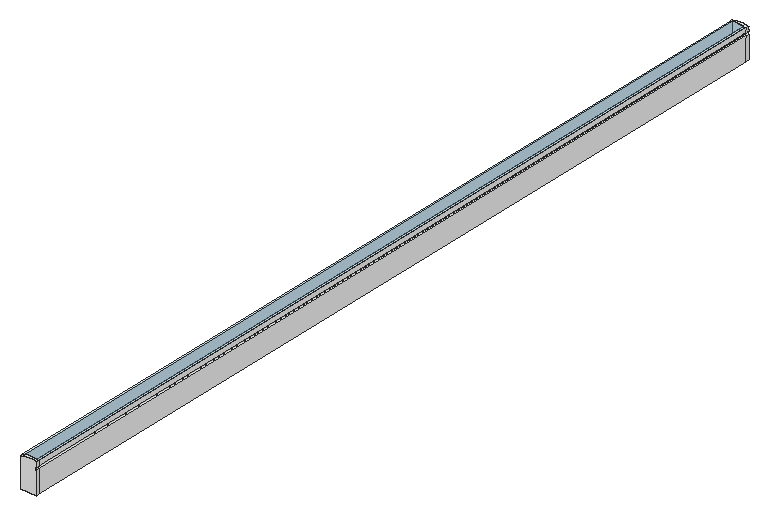
Revit family "LLED9100-F-4RF", category Lighting Fixtures, Revit 2017
Family settings
  Round Connector Dimension = Use Diameter
  Part Type = Normal
  OmniClass Number = 23.80.70.00
  OmniClass Title = Lighting
  Work Plane-Based = Yes
  Always vertical = Yes
  Cut with Voids When Loaded = No
  Light Source = Yes
  Shared = No
  Room Calculation Point = No
Parameters (values of type "LLED9100-F")
  Wattage = 9.2903 W
  built-in parameter 1150110 = 1 (stored number, unit not read)
  built-in parameter 1114217 = 1 (stored number, unit not read)
  Tilt Angle = 60.00°
  built-in parameter 1150109 = 1 (stored number, unit not read)
  built-in parameter 1150134 = 3
  built-in parameter 1150113 = 1 (stored number, unit not read)
  Photometric Web File = "generic"
  built-in parameter 1150142 = (empty or 0)
  built-in parameter 1150105 = 109.82 (stored number, unit not read)
  Lumens = 1380 lm
  built-in parameter 1150115 = 1 (stored number, unit not read)
  built-in parameter 1150137 = (empty or 0)
  built-in parameter 1150139 = (empty or 0)
  Length = 24.00"
  built-in parameter 1150112 = 1 (stored number, unit not read)
  built-in parameter 1150114 = 1 (stored number, unit not read)
  built-in parameter 1150132 = (empty or 0)
  built-in parameter 1150102 = (empty or 0)
  built-in parameter 1150107 = 3200 (stored number, unit not read)
  built-in parameter 1150138 = (empty or 0)
  built-in parameter 1150106 = 1.0982 (stored number, unit not read)
  Fixture Cap = Fixture Cap
  Fixture = Fixture
  Emit from Line Length = Length  # 24.00"
  built-in parameter 1150104 = 13.8 (stored number, unit not read)
  Dimming Lamp Color Temperature Shift = <None>
  Default Elevation = 48.00"
  Color Filter = 16777215
  built-in parameter 1114218 = 1 (stored number, unit not read)
  built-in parameter 1150133 = 10 (stored number, unit not read)
Reference planes (in)
  plane 1 "Light Source Axis (F/B)": y = 0
  plane 2: z = 0
  plane 3 "Light Source Axis (L/R)": x = 0
  plane 4 "Light Source Elevation": z = 80
  plane 5: y = 12
  plane 6: y = -12
  plane 7: y = 12.08062
  plane 8: y = -12.08063
Forms (in)
  Extrusion 1, solid, material "Fixture" <- "Fixture"
    sketch origin (-0.67979, 0, -0.07812) x (1, 0, 0) y (0, 0, 1)
      loop
        line (0.45508, 0.89236) -> (0.45508, 0.74965)
        arc (0.45508, 0.74965) -> (0.48529, 0.71944) -> (0.45508, 0.68923) r 0.03021
        line (0.45508, 0.68923) -> (0.45508, 0.07812) -> (0.90449, 0.07812) -> (0.90449, 0.68923)
        arc (0.90449, 0.68923) -> (0.87428, 0.71944) -> (0.90449, 0.74965) r 0.03021
        line (0.90449, 0.74965) -> (0.90449, 0.89236) -> (0.84903, 0.89236) -> (0.84903, 0.14236) -> (0.51121, 0.14236) -> (0.51121, 0.89236) -> (0.45508, 0.89236)
    from -12 to 12
  Extrusion 2, solid, material "Fixture Cap" <- "Fixture Cap"
    sketch origin (-0.67979, -4.28688, -0.42187) x (1, 0, 0) y (0, 0, -1)
      loop
        line (0.90449, -1.23611) -> (0.90449, -1.0934)
        arc (0.90449, -1.0934) -> (0.87428, -1.06319) -> (0.90449, -1.03298) r 0.03021
        line (0.90449, -1.03298) -> (0.90449, -0.42187) -> (0.45508, -0.42187) -> (0.45508, -1.03298)
        arc (0.45508, -1.03298) -> (0.48529, -1.06319) -> (0.45508, -1.0934) r 0.03021
        line (0.45508, -1.0934) -> (0.45508, -1.23611)
        arc (0.45508, -1.23611) -> (0.67979, -1.27114) -> (0.90449, -1.23611) r 0.73814
    from 16.3675 to 16.28688
  Extrusion 3, solid, material "Glass"
    sketch origin (-0.22666, 0, 0) x (1, 0, 0) y (0, 0, 1)
      loop
        arc (0.45137, 0.81423) -> (0.22666, 0.84927) -> (0.00195, 0.81423) r 0.73814
        line (0.00195, 0.81423) -> (0.05809, 0.81423)
        arc (0.05809, 0.81423) -> (0.22699, 0.8346) -> (0.3959, 0.81423) r 0.71046
        line (0.3959, 0.81423) -> (0.45137, 0.81423)
    from -12 to 12
  Extrusion 4, solid, material "Fixture Cap" <- "Fixture Cap"
    sketch origin (-0.67979, 4.28688, -0.42187) x (1, 0, 0) y (0, 0, 1)
      loop
        line (0.45508, 0.42187) -> (0.90449, 0.42187) -> (0.90449, 1.03298)
        arc (0.90449, 1.03298) -> (0.87428, 1.06319) -> (0.90449, 1.0934) r 0.03021
        line (0.90449, 1.0934) -> (0.90449, 1.23611)
        arc (0.90449, 1.23611) -> (0.67979, 1.27114) -> (0.45508, 1.23611) r 0.73814
        line (0.45508, 1.23611) -> (0.45508, 1.0934)
        arc (0.45508, 1.0934) -> (0.48529, 1.06319) -> (0.45508, 1.03298) r 0.03021
        line (0.45508, 1.03298) -> (0.45508, 0.42187)
    from 16.3675 to 16.28688
Dimensions and locks (in)
  equal spacing: plane 5, plane 1 "Light Source Axis (F/B)", plane 6
  "Length": plane 5 to plane 6
  locked: plane 6 to plane 8 at 0.08063
  locked: plane 7 to plane 5 at 0.08062
  Extrusion 4 to Extrusion 4 = 0.84927"
  Extrusion 4 to Extrusion 4 = 0.44941"
  aligned and locked: level to plane 2
  aligned and locked: Extrusion 1 to plane 6
  aligned and locked: plane 5 to Extrusion 1
  aligned and locked: plane 5 to Extrusion 3  (x2)
  aligned and locked: Extrusion 3 to plane 6
  aligned and locked: plane 7 to Extrusion 2
  aligned and locked: Extrusion 2 to plane 5
  aligned and locked: Extrusion 1 to Extrusion 2
  aligned and locked: Extrusion 3 to Extrusion 2  (x4)
  aligned and locked: Extrusion 2 to plane 7  (x3)
  aligned and locked: plane 5 to Extrusion 2  (x3)
  aligned and locked: plane 6 to Extrusion 4
  aligned and locked: Extrusion 4 to plane 8
  aligned and locked: Extrusion 3 to Extrusion 4
  aligned and locked: Extrusion 3 to plane 5
  aligned and locked: Extrusion 3 to Extrusion 1
  aligned and locked: Extrusion 2 to Extrusion 1  (x2)
  aligned and locked: plane 8 to Extrusion 4
  aligned and locked: Extrusion 4 to plane 6
  aligned and locked: Extrusion 1 to Extrusion 4
  aligned and locked: Extrusion 4 to Extrusion 1  (x4)
  aligned and locked: Extrusion 2 to Extrusion 3
Automatic sketch dimensions
  Extrusion 4 sketch curve to level = 0.00"
  Extrusion 4 sketch curve to plane 3 "Light Source Axis (L/R)" = 0.22471"
  level to Extrusion 4 sketch curve = 0.11112"
  plane 3 "Light Source Axis (L/R)" to Extrusion 4 sketch curve = 0.00"
  plane 3 "Light Source Axis (L/R)" to Extrusion 4 sketch curve = 0.22471"
  Extrusion 4 sketch curve to Extrusion 4 sketch curve = 0.49998"
  Extrusion 4 sketch curve to Extrusion 4 sketch curve = 0.00"
  Extrusion 4 sketch curve to Extrusion 4 sketch curve = 0.03021"  (x2)
  Extrusion 4 sketch curve to Extrusion 4 sketch curve = 0.14271"
  Extrusion 1 sketch curve to plane 3 "Light Source Axis (L/R)" = 0.22471"
  Extrusion 1 sketch curve to level = 0.00"
  Extrusion 1 sketch curve to plane 3 "Light Source Axis (L/R)" = 0.16857"
  level to Extrusion 1 sketch curve = 0.06423"
  Extrusion 1 sketch curve to Extrusion 1 sketch curve = 0.33782"
  Extrusion 1 sketch curve to Extrusion 1 sketch curve = 0.05546"
  Extrusion 1 sketch curve to Extrusion 1 sketch curve = 0.54687"
  Extrusion 1 sketch curve to Extrusion 1 sketch curve = 0.00"
  Extrusion 1 sketch curve to Extrusion 1 sketch curve = 0.03021"  (x2)
  Extrusion 1 sketch curve to Extrusion 1 sketch curve = 0.14271"  (x2)
  Extrusion 3 sketch curve to plane 3 "Light Source Axis (L/R)" = 0.22471"
  level to Extrusion 3 sketch curve = 0.11112"
  plane 3 "Light Source Axis (L/R)" to Extrusion 3 sketch curve = 0.00"
  Extrusion 3 sketch curve to Extrusion 3 sketch curve = 0.00033"
  Extrusion 3 sketch curve to Extrusion 3 sketch curve = 0.01302"
  Extrusion 3 sketch curve to Extrusion 3 sketch curve = 0.69009"
  Extrusion 3 sketch curve to Extrusion 3 sketch curve = 0.05613"
  Extrusion 3 sketch curve to Extrusion 3 sketch curve = 0.05546"
  Extrusion 2 sketch curve to plane 3 "Light Source Axis (L/R)" = 0.22471"
  level to Extrusion 2 sketch curve = 0.11112"
  plane 3 "Light Source Axis (L/R)" to Extrusion 2 sketch curve = 0.00"
  Extrusion 2 sketch curve to Extrusion 2 sketch curve = 0.70311"
  Extrusion 2 sketch curve to Extrusion 2 sketch curve = 0.14271"
  Extrusion 2 sketch curve to Extrusion 2 sketch curve = 0.03021"  (x2)
  Extrusion 2 sketch curve to level = 0.00"
  Extrusion 2 sketch curve to Extrusion 2 sketch curve = 0.22471"
  Extrusion 2 sketch curve to Extrusion 2 sketch curve = 0.20313"
